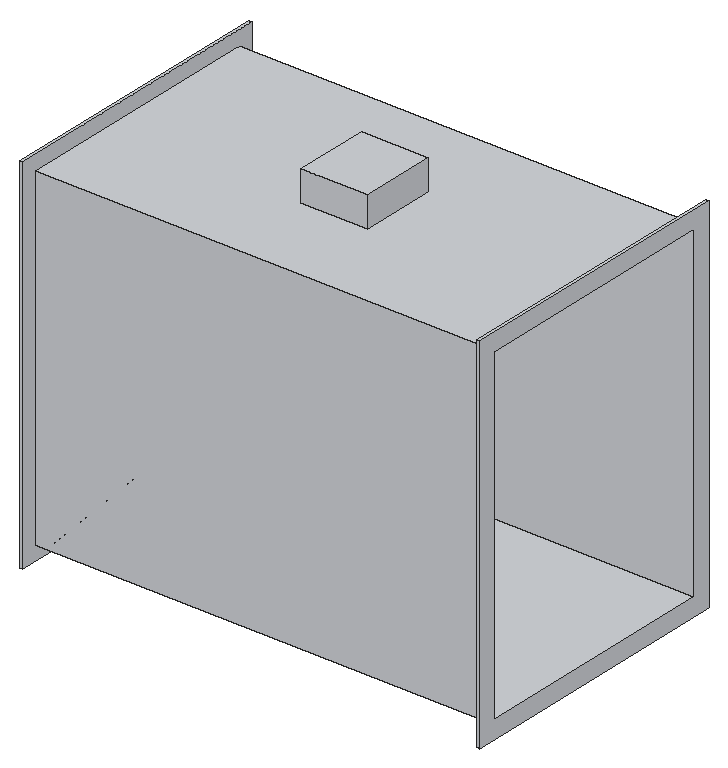
Revit family "CADS_Vent-Axia_MechEquip_Fan_TDF_PowerlineTwin - SUPPLY", category Mechanical Equipment, Revit 2020
Family settings
  Round Connector Dimension = Use Diameter
  Part Type = Normal
  OmniClass Number = 23.75.00.00
  OmniClass Title = Climate Control (HVAC)
  Work Plane-Based = No
  Always vertical = Yes
  Cut with Voids When Loaded = No
  Shared = No
  Room Calculation Point = No
Parameters (values of type "TDF32014")
  WorkingPressure = 0.0 Pa
  WarrantyStartDate [instance] = "1900-12-31T23:59:59"
  WarrantyPeriod = ""
  WarrantyIdentifier = "N/A"
  WarrantyGuarantorParts = "tech@vent-axia.com"
  WarrantyGuarantorLabor = "tech@vent-axia.com"
  WarrantyGuarantor = "Vent-Axia Limited"
  WarrantyEndDate [instance] = "1900-12-31T23:59:59"
  WarrantyContent = ""
  TemperatureRange = ""
  TagNumber [instance] = "N/A"
  SustainabilityPerformance = ""
  Status = "New"
  Size = ""
  Shape = ""
  ServiceLifeType = ""
  ServiceLifeDuration = ""
  SerialNumber [instance] = "N/A"
  ReplacementCost = ""
  RatedVoltage = 0 V
  RatedCurrent = 0 A
  Quantity = 1
  ProductionYear = ""
  PressureCurve = ""
  PowerFactor = ""
  PointOfContact = ""
  NumberOfPoles = 0
  NominalWidth = 500 mm
  NominalLength = 900 mm
  NominalHeight = 655 mm
  NominalFrequencyRange = ""
  NominalDiameter = 320 mm
  ModelReference = "POWERLINE TWIN CENTRIF IN LINE DUCT FAN"
  ModelNumber = "TDF32014"
  Material = ""
  ManufacturerE-Mail = "tech@vent-axia.com"
  ManufacturerAddress = "Fleming Way\nCrawley \nRH10 9YX"
  L = 130 mm
  K = 150 mm
  IsExtendedWarranty = no
  InsulationStandardClass = ""
  InstallationDate [instance] = "1900-12-31T23:59:59"
  IfcExportType [instance] = ""
  IfcExportAs = "IfcFanType"
  IP_Code = ""
  HasProtectiveEarth = no
  GrossWeight = 0.00 kg
  Grade = ""
  GlobalTradeItemNumber [instance] = "N/A"
  Fitting Type = "Ignore"
  Finish = ""
  Features = ""
  ExteriorInsulation = no
  ExpectedServiceLife = 0
  Exclusions = ""
  DurationUnit = "Year"
  Default Elevation = 0 mm
  Constituents = ""
  ConductorFunction = ""
  Color = ""
  CodePerformance = ""
  Category = ""
  CADS_Usage = 0
  CADS_Index = 0
  Baffle = NominalWidth - 10 mm  # 490 mm
  AssetType = "FIXED"
  AssetIdentifier [instance] = "N/A"
  AssemblyPlace = "UNKNOWN"
  ArticleNumber [instance] = "N/A"
  AirflowRateRange = 0.0 L/s
  Air Flow [instance] = 0.0 L/s
  AccessibilityPerformance = ""
Types (11, lengths in mm): name | NominalWidth | NominalLength | NominalHeight | NominalDiameter | ModelNumber | L | K | Baffle
  TDF32014 | 500 | 900 | 655 | 320 | "TDF32014" | 130 | 150 | 490
  TDF38014 | 550 | 1015 | 745 | 380 | "TDF38014" | 130 | 160 | 540
  TDF38034 | 550 | 1015 | 745 | 380 | "TDF38034" | 130 | 160 | 540
  TDF42014 | 625 | 1130 | 830 | 420 | "TDF42014" | 230 | 230 | 615
  TDF42034 | 625 | 1130 | 830 | 420 | "TDF42034" | 230 | 230 | 615
  TDF48014 | 700 | 1250 | 925 | 480 | "TDF48014" | 230 | 230 | 690
  TDF48034 | 700 | 1250 | 925 | 480 | "TDF48034" | 230 | 230 | 690
  TDF52034 | 775 | 1385 | 1055 | 520 | "TDF52034" | 230 | 230 | 765
  TDF52036 | 775 | 1385 | 1055 | 520 | "TDF52036" | 230 | 230 | 765
  TDF60034 | 850 | 1530 | 1200 | 600 | "TDF60034" | 230 | 230 | 840
  TDF60036 | 850 | 1530 | 1200 | 600 | "TDF60036" | 230 | 230 | 840
Reference planes
  plane 1 "Center (Front/Back)": y = 0
  plane 2 "Base": z = 0
  plane 3 "Center (Left/Right)": x = 0
  plane 4 "L": x = -450
  plane 5 "R": x = 450
  plane 6 "F": y = -250
  plane 7 "B": y = 250
  plane 8: z = 655
  plane 9 "T": z = 655
  plane 10: z = 436.667
  plane 11: z = 218.333
  plane 12: x = -225
  plane 13: x = -65
  plane 14: y = 75
  plane 15: x = 65
  plane 16: y = -75
  plane 17 "Motor B": z = -50
Forms (mm)
  Sweep 1, solid
    path origin (0, 0, 0) x (1, 0, 0) y (0, 1, 0)
      loop
        line (-450, 0) -> (450, 0)
    profile origin (0, 0, 0) x (0, 1, 0) y (0, 0, 1)
      loop
        line (250, 655) -> (-250, 655) -> (-250, 0) -> (250, 0) -> (250, 655)
      loop
        line (245, 650) -> (-245, 650) -> (-245, 5) -> (245, 5) -> (245, 650)
  Sweep 2, solid
    path origin (-450, 0, 0) x (0, 1, 0) y (0, 0, 1)
      loop
        line (250, 655) -> (-250, 655) -> (-250, 0) -> (250, 0) -> (250, 655)
    profile origin (-450, 0, 655) x (0, 0, -1) y (1, 0, 0)
      loop
        line (0, 0) -> (0, 5) -> (-30, 5) -> (-30, 0) -> (0, 0)
  Sweep 3, solid
    path origin (450, 0, 0) x (0, 1, 0) y (0, 0, 1)
      loop
        line (-250, 655) -> (-250, 0) -> (250, 0) -> (250, 655) -> (-250, 655)
    profile origin (450, 0, 655) x (0, 0, 1) y (1, 0, 0)
      loop
        line (0, 0) -> (0, -5) -> (30, -5) -> (30, 0) -> (0, 0)
  Extrusion 4, solid
    sketch origin (0, 250, 0) x (1, 0, 0) y (0, 0, 1)
      loop
        line (-425, 650) -> (-225, 436.667) -> (0, 436.667) -> (0, 218.333) -> (-225, 218.333) -> (-423.16, 5) -> (-418.16, 5) -> (-225, 212.78) -> (7.5, 212.78) -> (7.5, 446.114) -> (-225, 446.114) -> (-416.45, 650) -> (-425, 650)
    from 5 to 490 <- "Baffle"
  Extrusion 5, solid
    sketch origin (0, 0, 655) x (-1, 0, 0) y (0, -1, 0)
      loop
        line (65, -75) -> (65, 73.298) -> (-65, 73.298) -> (-65, -75) -> (65, -75)
    from 0 to 60
  Extrusion 6, solid
    sketch origin (0, 0, -50) x (1, 0, 0) y (0, 1, 0)
      loop
        line (-65, 75) -> (-65, -73.298) -> (65, -73.298) -> (65, 75) -> (-65, 75)
    from 0 to 60
Cuts and joins
  joined: Sweep 1, Sweep 2, Sweep 3
Lines and regions (mm)
  model lines, not visible
    curve 1: line (0, 0, 655) -> (-100, 0, 655)
    curve 2: line (0, 0, 655) -> (-27.189, 12.679, 655)
    curve 3: line (0, 0, 655) -> (-27.189, -12.679, 655)
  model lines
    curve 4: line (-225, 0, 655) -> (-325, 0, 655)
    curve 5: line (-225, 0, 655) -> (-252.189, 12.679, 655)
    curve 6: line (-225, 0, 655) -> (-252.189, -12.679, 655)
Dimensions and locks
  equal spacing: plane 4 "L", plane 3 "Center (Left/Right)", plane 5 "R"
  equal spacing: plane 7 "B", plane 1 "Center (Front/Back)", plane 6 "F"
  "NominalWidth": plane 7 "B" to plane 6 "F"
  "NominalLength": plane 4 "L" to plane 5 "R"
  "NominalHeight": plane 8 to plane 2 "Base"
  "NominalHeight": plane 9 "T" to plane 2 "Base"
  equal spacing: plane 9 "T", plane 10, plane 11, level
  equal spacing: plane 3 "Center (Left/Right)", plane 12, plane 4 "L"
  equal spacing: plane 13, plane 3 "Center (Left/Right)", plane 15
  equal spacing: plane 14, plane 1 "Center (Front/Back)", plane 16
  "L": plane 13 to plane 15
  "K": plane 14 to plane 16
  aligned and locked: level to plane 2 "Base"
  aligned and locked: plane 8 to Sweep 1 sketch curve
  aligned and locked: Sweep 1 sketch curve to plane 7 "B"
  aligned and locked: Sweep 1 sketch curve to profile plane
  aligned and locked: plane 6 "F" to Sweep 1 sketch curve
  aligned and locked: Sweep 2 sketch curve to Sweep 1
  aligned and locked: Sweep 3 sketch curve to Sweep 1  (x4)
  aligned and locked: plane 12 to curve 6
  aligned and locked: curve 4 to plane 1 "Center (Front/Back)"
Automatic sketch dimensions
  plane 1 "Center (Front/Back)" to Sweep 1 sketch curve = 0 mm
  Sweep 1 sketch curve to plane 4 "L" = 0 mm
  Sweep 1 sketch curve to plane 5 "R" = 0 mm
  Sweep 2 sketch curve to plane 4 "L" = 0 mm
  Sweep 2 sketch curve to profile plane = 0 mm
  plane 4 "L" to Sweep 2 sketch curve = 5 mm
  profile plane to Sweep 2 sketch curve = 30 mm
  Sweep 2 sketch curve to plane 6 "F" = 0 mm
  Sweep 2 sketch curve to level = 0 mm
  Sweep 2 sketch curve to plane 7 "B" = 0 mm
  Sweep 3 sketch curve to profile plane = 0 mm
  Sweep 3 sketch curve to plane 5 "R" = 0 mm
  Sweep 3 sketch curve to profile plane = 30 mm
  Sweep 3 sketch curve to Sweep 3 sketch curve = 5 mm
  Extrusion 4 sketch curve to plane 11 = 0 mm
  Extrusion 4 sketch curve to plane 12 = 0 mm  (x4)
  Extrusion 4 sketch curve to plane 10 = 0 mm
  Extrusion 4 sketch curve to plane 3 "Center (Left/Right)" = 0 mm
  level to Extrusion 4 sketch curve = 5 mm
  plane 4 "L" to Extrusion 4 sketch curve = 31.84 mm
  Extrusion 4 sketch curve to Extrusion 4 sketch curve = 5 mm
  plane 3 "Center (Left/Right)" to Extrusion 4 sketch curve = 7.5 mm
  Extrusion 4 sketch curve to plane 11 = 5.553 mm
  Extrusion 4 sketch curve to Extrusion 4 sketch curve = 9.447 mm
  plane 4 "L" to Extrusion 4 sketch curve = 33.55 mm
  Extrusion 4 sketch curve to plane 9 "T" = 5 mm
  Extrusion 4 sketch curve to Extrusion 4 sketch curve = 8.55 mm
  Extrusion 5 sketch curve to plane 14 = 0 mm
  Extrusion 5 sketch curve to plane 15 = 0 mm
  Extrusion 5 sketch curve to plane 13 = 0 mm
  Extrusion 5 sketch curve to plane 16 = 1.702 mm
  Extrusion 6 sketch curve to plane 13 = 0 mm
  Extrusion 6 sketch curve to plane 15 = 0 mm
  Extrusion 6 sketch curve to plane 14 = 0 mm
  Extrusion 6 sketch curve to plane 16 = 1.702 mm
  plane 1 "Center (Front/Back)" to curve 6 = 0 mm
  curve 6 to plane 12 = 0 mm
  curve 5 to plane 1 "Center (Front/Back)" = 12.679 mm
  curve 5 to plane 12 = 27.189 mm
  plane 1 "Center (Front/Back)" to curve 6 = 12.679 mm
  curve 6 to curve 5 = 0 mm
  curve 5 to curve 4 = 72.811 mm
  Sweep 1 sketch curve to Sweep 1 sketch curve = 5 mm  (x2)
  level to Sweep 1 sketch curve = 5 mm
  Sweep 1 sketch curve to plane 8 = 5 mm
Connectors
  hvac at (-450, 0, 327.5), driven by "NominalHeight", driven by "NominalWidth", driven by "Air Flow"
    settings: on cut or joined group of Sweep 1, Sweep 2, Sweep 3, index 1, duct flow 0.0 L/s, flow factor 0, pres drop 0.0 Pa, loss coef 0, conn angle 0.00°, conn width 500 mm, conn height 655 mm, conn diameter 609.6 mm, duct sys type 1, conn prof type 1, flow config 1, flow direction 1, loss method 0, conn ref index -1, conn util no, is conn primary yes, conn desc ""
  hvac at (450, 0, 327.5), driven by "NominalHeight", driven by "NominalWidth", driven by "Air Flow"
    settings: on cut or joined group of Sweep 1, Sweep 2, Sweep 3, index 2, duct flow 0.0 L/s, flow factor 0, pres drop 0.0 Pa, loss coef 0, conn angle 0.00°, conn width 500 mm, conn height 655 mm, conn diameter 609.6 mm, duct sys type 1, conn prof type 1, flow config 0, flow direction 2, loss method 0, conn ref index -1, conn util no, is conn primary no, conn desc ""
